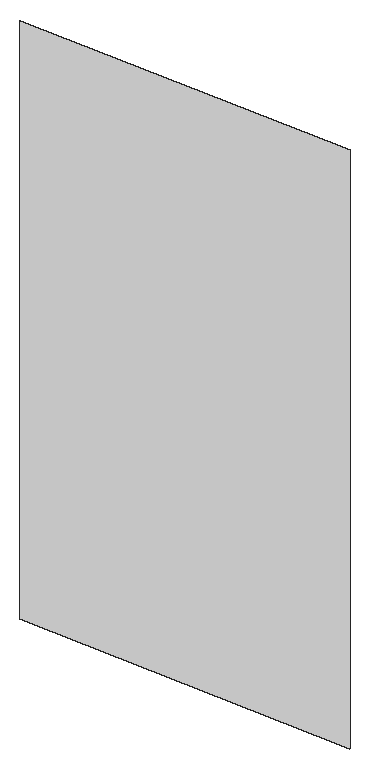
Revit family "PKNail Thermostat", category Electrical Fixtures, host Wall, Revit 2017
Family settings
  Host = Wall
  Maintain Annotation Orientation = No
  Round Connector Dimension = Use Diameter
  Part Type = Normal
  OmniClass Number = 23.80.50.11.11
  OmniClass Title = Receptacle Terminal Units
  Always vertical = Yes
  Cut with Voids When Loaded = No
  Shared = No
  Room Calculation Point = No
Parameters (values of type "COM Outlet")
  Width = 70.00 mm
  PKNail Family Measure Location Centered = yes
  PKNail Family Instance Elevation [instance] = 254.00 mm
  PKNail Family Fixed Dimensions = "Width:Height"
  Label = "T"
  Height = 114.00 mm
  Material = Plastic - White
Reference planes
  plane 1: y = 0
  plane 2 "Center (Left/Right)": x = 0
  plane 3 "Back": y = 76.2
  plane 4 "Left": x = -35
  plane 5 "Right": x = 35
  plane 6: z = 247.65
  plane 7: z = 361.65
  plane 8 "Center (Elevation)": z = 304.65
  plane 9: y = 80.962
  plane 10: y = 82.55
  plane 11: z = 50.65
Forms (mm)
  Blend 1, solid, material "Plastic - White" <- "Material"
    base sketch origin (0, 76.2, 0) x (1, 0, 0) y (0, 0, 1)
      loop
        line (35, 361.65) -> (-35, 361.65) -> (-35, 247.65) -> (35, 247.65) -> (35, 361.65)
    top sketch origin (0, 76.2, 0) x (1, 0, 0) y (0, 0, 1)
      loop
        line (30.238, 356.888) -> (-30.237, 356.888) -> (-30.237, 252.413) -> (30.238, 252.413) -> (30.238, 356.888)
    from 0 to -4.762
Lines and regions (mm)
  model lines, style "InvisibleLines"
    curve 1: line (0, 76.2, 247.65) -> (0, 76.2, 50.65)
Text (mm)
  text "Placement Side" at (0, 1019.848, 3124.603), in view "Right"
  text "Placement Side" at (0, 1206.291, 3571.227), in view "Left"
Dimensions and locks
  locked: plane 3 "Back" to host wall
  "Height": plane 6 to plane 7
  "Width": plane 5 "Right" to plane 4 "Left"
  equal spacing: plane 5 "Right", plane 2 "Center (Left/Right)", plane 4 "Left"
  equal spacing: plane 6, plane 8 "Center (Elevation)", plane 7
  locked: plane 3 "Back" to plane 9 at 4.762
  locked: plane 9 to plane 10 at 1.588
  "PKNail Family Instance Elevation": plane 11 to plane 8 "Center (Elevation)"
  aligned and locked: plane 6 to Blend 1 sketch curve
  aligned and locked: plane 5 "Right" to Blend 1 sketch curve
  aligned and locked: Blend 1 sketch curve to plane 7
  aligned and locked: Blend 1 to curve 1
  aligned and locked: curve 1 to plane 2 "Center (Left/Right)"
Automatic sketch dimensions
  plane 4 "Left" to Blend 1 sketch curve = 4.762 mm
  Blend 1 sketch curve to plane 5 "Right" = 4.763 mm
  Blend 1 sketch curve to plane 6 = 4.763 mm
  plane 7 to Blend 1 sketch curve = 4.762 mm
  Blend 1 sketch curve to plane 4 "Left" = 0.00 mm
  curve 1 to plane 11 = 0.00 mm
Nested families
  nested 1: "Thermostat Annotation" at (-0.091, 76.2, 0), type "Thermostat Annotation"
Definition of nested family "Thermostat Annotation"
  Parameters
    Label = "COM"
  Reference planes
    plane 1: y = 0
    plane 2: x = 0
  Lines and regions (mm)
    detail lines
      curve 1: line (0, 0.398, 0) -> (0, 2.71, 0)
      curve 2: circle (0, 4.283, 0) r 1.574 normal (0, 0, 1)
  Text (mm)
    label "Label" at (-0.001, 4.356, 0), shows "Label"
